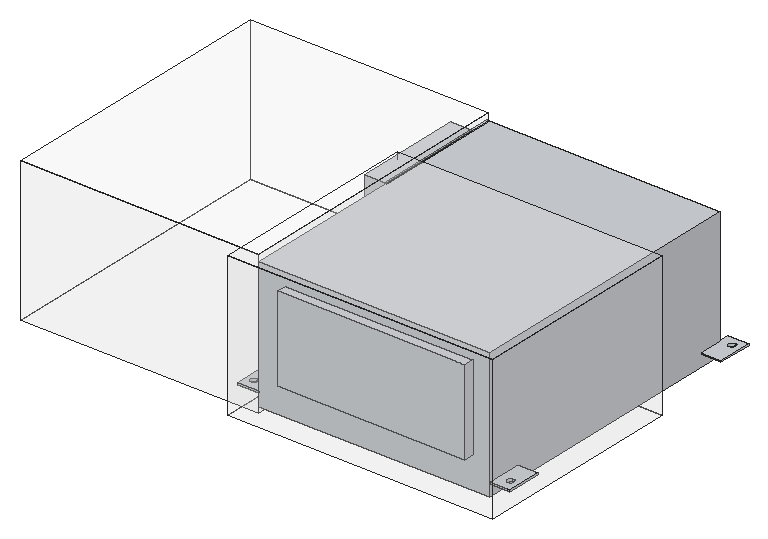
Revit family "pefy-p45_280mg7_60Hz", category 機械設備, Revit 2019
Family settings
  丸型コネクタ寸法 = 直径を使用
  パーツ タイプ = 標準
  OmniClass 番号 = 23.75.10.24.21.27.27
  OmniClass タイトル = Split System Air Conditioning Units
  作業面ベース = いいえ
  常に垂直 = はい
  ロード時にボイドで切り取り = いいえ
  共有 = いいえ
  部屋計算ポイント = はい
Parameters (values of type "PEFY-P45MG7")
  風量（弱）（m3／min） = 10
  風量（m3／min） = 14
  風量 = MAX風量  # 840.0 m³/h
  音響パワーレベル（弱）(dB) = 51
  音響パワーレベル(dB) = 57
  電源種別 = ""
  電源_H = 0 mm
  電圧_電気ヒーター = 0 V
  電圧 = 200 V
  電動機出力_送風機 = 0.08 kW
  運転質量 = 0.00 kg
  連動 = ""
  質量 = if(製品質量 > 運転質量, 製品質量, 運転質量) * 1.2  # 46.80 kg
  負荷分類 = 3_ファン類
  説明 = "ビル用マルチエアコン　天井埋込形室内機"
  設計暖房能力 = 0.00 kW
  設計冷房能力_顕熱 = 0 kW
  設計冷房能力 = 0 kW
  設置方法 = "天井吊(隠ぺい)形"
  記号 = ""
  製造元 = "三菱電機株式会社"
  製品質量 = 39.00 kg
  製品出荷対象 = "国内"
  製品リリース年月 = "2020/7/22"
  製品グループ = ""
  系統 = ""
  符号 = "ACP_CID"
  積算_科目 = "1 空気調和設備"
  積算_拾い区分 [instance] = ""
  相_電気ヒーター = 1
  相 = 1
  盤記号 = ""
  発停方法 = "付属スイッチ"
  特殊仕様 = ""
  点検口離隔 [instance] = if(点検口離隔入力値 > 200 mm, 200 mm, if(点検口離隔入力値 < 150 mm, 150 mm, 点検口離隔入力値))  # 150 mm
  点検口離隔入力値 [instance] = 150 mm
  点検口設置範囲 = 700 mm
  点検口位置 = 200 mm
  点検口 = yes
  火災停止 = ""
  消費電力_電気ヒーター = 0.00 kW
  消費電力_暖房 = 0.17 kW
  消費電力_加湿器 = 0.00 kW
  消費電力_冷房 = 0.19 kW
  消費電力 = if(消費電力_冷房 > 消費電力_暖房, 消費電力_冷房, 消費電力_暖房) + 消費電力_加湿器 + 消費電力_電気ヒーター  # 0.19 kW
  法定耐用年数 = "15"
  機外静圧 = 100.0 Pa
  極数 = 3
  材質 = ""
  本体マテリアル = none
  有効加湿量 = 0
  暖房能力 = 5.00 kW
  推奨ブレーカー容量 = 15 A
  形式_加湿器 = ""
  形式 = "天井吊（隠ぺい）形（両ダクト形）"
  幹線記号 = ""
  始動方式 = ""
  呼称 = "室内機_天井吊(隠ぺい)形(両ダクト形)"
  周波数 = 60 Hz
  吊り幅 = if(Depth = 900 mm, 60 mm, 61 mm)  # 60 mm
  吊り位置Y = 814 mm
  吊り位置X = 754 mm
  吊りボルト_H = 41 mm  # constant formula
  台数_手元リモコン = ""
  台数_冷媒分岐ユニット = ""
  参照している仕様書等のバージョン = "公共建築工事標準仕様書（機械設備工事編）平成31年度版"
  加湿給水管径 = 0 mm
  分類コード = "50053003221070"
  分類グループ = ""
  冷房能力 = 4.5 kW
  冷媒高低圧ガス管径 = 0 mm
  冷媒管径符号 = "Ac"
  冷媒管径 = 100 mm
  冷媒液管径 = 6.35 mm
  冷媒液管_縦 = 58 mm
  冷媒液管_横 = 69 mm
  冷媒ガス管径 = 12.7 mm
  冷媒ガス管_縦 = 143 mm
  冷媒ガス管_横 = 187 mm
  企業コード = "108420"
  付属品_フィルター = ""
  付属品 = ""
  仕様書バージョン = "Version1.0"
  モデル = "PEFY-P45MG7"
  ドレン管径 = 32 mm
  ドレン管_縦 = 326.5 mm
  ドレン管_横 = 430 mm
  サービススペース = yes
  コメント [instance] = ""
  ケーブル種類 = ""
  ケーブルサイズ = 1.6 mm
  Width = 745 mm
  Version = ""
  Uniclass2015Version = "Systems v1.9"
  Uniclass2015Title = "Split coil remote air cooled condensing units"
  Uniclass2015Code = "Pr_70_65_03_84"
  URL = "https://www.mitsubishielectric.co.jp/ldg/wink/ssl/displayProduct.do?pid=307559"
  SpecificationReference = ""
  SpecificationDescription = ""
  S_H = Height + 20 mm  # 400 mm
  SAサイズ_W = 550 mm
  SAサイズ_D = 250 mm
  Revision = ""
  RAサイズ_W = 600 mm
  RAサイズ_D = 340 mm
  ProductInformation = ""
  OmniClassCode = "23-751024212727"
  MID風量 = 600.0 m³/h
  MAX風量 = 840.0 m³/h
  IfcTypeProduct = ""
  IfcProduct = ""
  IfcExportType = "AIRCONDITIONINGUNIT"
  IfcExportAs = "IfcUnitaryEquipmentType"
  Height = 380 mm
  Depth = 900 mm
  Clearance Top = 20 mm  # constant formula
  Clearance Right = 50 mm  # constant formula
  Clearance Left = if(Width = 745 mm, 730 mm, if(Width = 1030 mm, 1015 mm, if(Width = 1195 mm, 1180 mm, 1300 mm)))  # 730 mm
  Clearance Front = if(Depth = 900 mm, 575 mm, 650 mm)  # 575 mm
  Clearance Bottom = 20 mm  # constant formula
  Clearance Back = 50 mm  # constant formula
  Author = "三菱電機株式会社"
Types (11, lengths in mm): name | 風量（弱）（m3／min） | 風量（m3／min） | 風量 | 音響パワーレベル（弱）(dB) | 音響パワーレベル(dB) | 電動機出力_送風機 | 質量 | 製品質量 | 相 | 点検口設置範囲 | 消費電力_暖房 | 消費電力_冷房 | 消費電力 | 機外静圧 | 暖房能力 | 吊り幅 | 吊り位置Y | 吊り位置X | 冷房能力 | 冷媒管径符号 | 冷媒液管径 | 冷媒液管_縦 | 冷媒液管_横 | 冷媒ガス管径 | 冷媒ガス管_縦 | 冷媒ガス管_横 | モデル | ドレン管_縦 | ドレン管_横 | Width | URL | S_H | SAサイズ_W | SAサイズ_D | RAサイズ_W | RAサイズ_D | MID風量 | MAX風量 | Height | Depth | Clearance Left | Clearance Front
  (no name) | 10 | 14 | 840.0 m³/h | 51 | 57 | 0.08 kW | 46.80 kg | 39.00 kg | 1 | 700 | 0.17 kW | 0.19 kW | 0.19 kW | 100.0 Pa | 5.00 kW | 60 | 814 | 754 | 4.5 kW | "Ac" | 6.35 | 58 | 69 | 12.7 | 143 | 187 | "PEFY-P45MG7" | 326.5 | 430 | 745 | "https://www.mitsubishielectric.co.jp/ldg/wink/ssl/displayProduct.do?pid=307559" | 400 | 550 | 250 | 600 | 340 | 600.0 m³/h | 840.0 m³/h | 380 | 900 | 730 | 575
  PEFY-P45MG7 | 10 | 14 | 840.0 m³/h | 51 | 57 | 0.08 kW | 46.80 kg | 39.00 kg | 1 | 700 | 0.17 kW | 0.19 kW | 0.19 kW | 100.0 Pa | 5.00 kW | 60 | 814 | 754 | 4.5 kW | "Ac" | 6.35 | 58 | 69 | 12.7 | 143 | 187 | "PEFY-P45MG7" | 326.5 | 430 | 745 | "https://www.mitsubishielectric.co.jp/ldg/wink/ssl/displayProduct.do?pid=307559" | 400 | 550 | 250 | 600 | 340 | 600.0 m³/h | 840.0 m³/h | 380 | 900 | 730 | 575
  PEFY-P56MG7 | 10 | 14 | 840.0 m³/h | 52 | 57 | 0.08 kW | 46.80 kg | 39.00 kg | 1 | 700 | 0.17 kW | 0.19 kW | 0.19 kW | 100.0 Pa | 6.30 kW | 60 | 814 | 754 | 5.6 kW | "Ac" | 6.35 | 58 | 69 | 12.7 | 143 | 187 | "PEFY-P56MG7" | 326.5 | 430 | 745 | "https://www.mitsubishielectric.co.jp/ldg/wink/ssl/displayProduct.do?pid=307560" | 400 | 550 | 250 | 600 | 340 | 600.0 m³/h | 840.0 m³/h | 380 | 900 | 730 | 575
  PEFY-P71MG7 | 13.5 | 19 | 1140.0 m³/h | 56 | 61 | 0.10 kW | 48.00 kg | 40.00 kg | 1 | 700 | 0.22 kW | 0.24 kW | 0.24 kW | 100.0 Pa | 8.00 kW | 60 | 814 | 754 | 7.1 kW | "Bd" | 9.52 | 58 | 69 | 15.88 | 143 | 187 | "PEFY-P71MG7" | 326.5 | 430 | 745 | "https://www.mitsubishielectric.co.jp/ldg/wink/ssl/displayProduct.do?pid=307504" | 400 | 550 | 250 | 600 | 340 | 810.0 m³/h | 1140.0 m³/h | 380 | 900 | 730 | 575
  PEFY-P80MG7 | 15.5 | 22 | 1320.0 m³/h | 56 | 61 | 0.11 kW | 61.20 kg | 51.00 kg | 1 | 700 | 0.26 kW | 0.28 kW | 0.28 kW | 100.0 Pa | 9.00 kW | 60 | 814 | 1039 | 8 kW | "Bd" | 9.52 | 58 | 69 | 15.88 | 143 | 187 | "PEFY-P80MG7" | 326.5 | 430 | 1030 | "https://www.mitsubishielectric.co.jp/ldg/wink/ssl/displayProduct.do?pid=307561" | 400 | 835 | 250 | 885 | 340 | 930.0 m³/h | 1320.0 m³/h | 380 | 900 | 1015 | 575
  PEFY-P90MG7 | 18 | 25 | 1500.0 m³/h | 58 | 63 | 0.14 kW | 61.20 kg | 51.00 kg | 1 | 700 | 0.27 kW | 0.29 kW | 0.29 kW | 100.0 Pa | 10.00 kW | 60 | 814 | 1039 | 9 kW | "Bd" | 9.52 | 58 | 69 | 15.88 | 143 | 187 | "PEFY-P90MG7" | 326.5 | 430 | 1030 | "https://www.mitsubishielectric.co.jp/ldg/wink/ssl/displayProduct.do?pid=307562" | 400 | 835 | 250 | 885 | 340 | 1080.0 m³/h | 1500.0 m³/h | 380 | 900 | 1015 | 575
  PEFY-P112MG7 | 26.5 | 38 | 2280.0 m³/h | 60 | 64 | 0.20 kW | 75.60 kg | 63.00 kg | 1 | 700 | 0.47 kW | 0.49 kW | 0.49 kW | 100.0 Pa | 12.50 kW | 60 | 814 | 1204 | 11.2 kW | "Bd" | 9.52 | 58 | 69 | 15.88 | 143 | 187 | "PEFY-P112MG7" | 326.5 | 430 | 1195 | "https://www.mitsubishielectric.co.jp/ldg/wink/ssl/displayProduct.do?pid=307563" | 400 | 1000 | 250 | 1050 | 340 | 1590.0 m³/h | 2280.0 m³/h | 380 | 900 | 1180 | 575
  PEFY-P140MG7 | 26.5 | 38 | 2280.0 m³/h | 61 | 65 | 0.20 kW | 75.60 kg | 63.00 kg | 1 | 700 | 0.47 kW | 0.49 kW | 0.49 kW | 100.0 Pa | 16.00 kW | 60 | 814 | 1204 | 14 kW | "Bd" | 9.52 | 58 | 69 | 15.88 | 143 | 187 | "PEFY-P140MG7" | 326.5 | 430 | 1195 | "https://www.mitsubishielectric.co.jp/ldg/wink/ssl/displayProduct.do?pid=307505" | 400 | 1000 | 250 | 1050 | 340 | 1590.0 m³/h | 2280.0 m³/h | 380 | 900 | 1180 | 575
  PEFY-P160MG7 | 28 | 40 | 2400.0 m³/h | 62 | 65 | 0.23 kW | 78.00 kg | 65.00 kg | 1 | 700 | 0.47 kW | 0.49 kW | 0.49 kW | 100.0 Pa | 18.00 kW | 60 | 814 | 1204 | 16 kW | "Bd" | 9.52 | 58 | 69 | 15.88 | 143 | 187 | "PEFY-P160MG7" | 326.5 | 430 | 1195 | "https://www.mitsubishielectric.co.jp/ldg/wink/ssl/displayProduct.do?pid=307564" | 400 | 1000 | 250 | 1050 | 340 | 1680.0 m³/h | 2400.0 m³/h | 380 | 900 | 1180 | 575
  PEFY-P224MG7 | 0 | 58 | 3480.0 m³/h | 0 | 70 | 0.69 kW | 117.60 kg | 98.00 kg | 3 | 800 | 0.92 kW | 0.92 kW | 0.92 kW | 200.0 Pa | 25.00 kW | 61 | 1034 | 1326 | 22.4 kW | "Be" | 9.52 | 44 | 95 | 19.05 | 164 | 249 | "PEFY-P224MG7" | 327 | 489 | 1250 | "https://www.mitsubishielectric.co.jp/ldg/wink/ssl/displayProduct.do?pid=307565" | 490 | 1100 | 340 | 1100 | 420 | 0.0 m³/h | 3480.0 m³/h | 470 | 1120 | 1300 | 650
  PEFY-P280MG7 | 0 | 72 | 4320.0 m³/h | 0 | 75 | 0.87 kW | 121.20 kg | 101.00 kg | 3 | 800 | 1.10 kW | 1.10 kW | 1.10 kW | 200.0 Pa | 31.50 kW | 61 | 1034 | 1326 | 28 kW | "Bf" | 9.52 | 44 | 95 | 22.2 | 164 | 249 | "PEFY-P280MG7" | 327 | 489 | 1250 | "https://www.mitsubishielectric.co.jp/ldg/wink/ssl/displayProduct.do?pid=307506" | 490 | 1100 | 340 | 1100 | 420 | 0.0 m³/h | 4320.0 m³/h | 470 | 1120 | 1300 | 650
Reference planes
  plane 1 "中心(正面/背面)": y = -138.467
  plane 2: z = 0
  plane 3 "中心(左/右)": x = 140.396
  plane 4: z = 380
  plane 5: z = 400
  plane 6: x = 517.396
  plane 7: x = -236.604
  plane 8: y = -528.467
  plane 9: y = 285.533
  plane 10: y = -588.467
  plane 11: y = 311.533
  plane 12: x = 480.396
  plane 13: x = -264.604
  plane 14: z = -20
  plane 15: x = 540.396
  plane 16: y = -559.467
  plane 17: y = 287.533
  plane 18: y = -135.967
  plane 19: y = -362.467
  plane 20: y = 87.533
  plane 21: x = -199.604
  plane 22: x = -349.604
  plane 23: x = -899.604
  plane 24: z = 400
  plane 25: x = -249.604
  plane 26: y = -609.467
  plane 27: x = 530.396
  plane 28: y = 15.533
Dimensions and locks
  "S_H": plane 5 to level
  "吊り位置X": plane 6 to plane 7
  "吊り位置Y": plane 9 to plane 8
  equal spacing: plane 11, plane 1 "中心(正面/背面)", plane 10
  "Depth": plane 11 to plane 10
  "Width": plane 12 to plane 13
  "Clearance Bottom": level to plane 14
  locked: plane 8 to plane 10 at 60
  "吊り幅": plane 15 to plane 12
  locked: plane 15 to plane 6 at 23
  "Height": plane 4 to level
  locked: plane 11 to plane 17 at 24
  locked: plane 16 to plane 10 at 29
  locked: plane 20 to plane 19 at 450
  equal spacing: plane 17, plane 18, plane 16
  plane 21 to plane 7 = 37 mm
  "点検口離隔": plane 21 to plane 22
  "点検口設置範囲": plane 21 to plane 23
  "Clearance Top": plane 24 to plane 4
  "Clearance Back": plane 16 to plane 26
  "Clearance Right": plane 21 to plane 25
  "Clearance Front": plane 28 to plane 16
  "Clearance Left": plane 27 to plane 21
  "点検口位置": plane 17 to plane 20
  equal spacing: plane 6, plane 3 "中心(左/右)", plane 7
  equal spacing: plane 12, plane 3 "中心(左/右)", plane 21
  aligned and locked: level to plane 2
  aligned and locked: nested 3 to plane 6
  aligned and locked: nested 3 to plane 7
  aligned and locked: plane 8 to nested 3
  aligned and locked: nested 3 to plane 9
  aligned and locked: nested 4 to plane 3 "中心(左/右)"
  aligned and locked: plane 1 "中心(正面/背面)" to nested 4
  aligned and locked: plane 19 to nested 2
  aligned and locked: plane 20 to nested 2
  aligned and locked: nested 2 to plane 23
  aligned and locked: nested 2 to plane 22
  aligned and locked: plane 24 to nested 1
  aligned and locked: plane 24 to nested 5
  aligned and locked: plane 14 to nested 1
  aligned and locked: plane 14 to nested 5
  aligned and locked: nested 1 to plane 16
  aligned and locked: nested 1 to plane 17
  aligned and locked: nested 1 to plane 23
  aligned and locked: nested 1 to plane 21
  aligned and locked: nested 5 to plane 26
  aligned and locked: nested 5 to plane 28
  aligned and locked: nested 5 to plane 25
  aligned and locked: nested 5 to plane 27
Nested families
  nested 1: "サービススペース" at (-549.604, -135.967, 190) x (-1, 0, 0) z (0, 0, 1), visible <- "サービススペース", type "サービススペース"
    with Width 700 mm, Height 420 mm, Depth 847 mm
  nested 2: "点検口設置範囲" at (-624.604, -137.467, 0) x (-1, 0, 0) z (0, 0, 1), visible <- "点検口", type "点検口設置範囲"
    with Width 550 mm, Depth 450 mm
  nested 3: "固定点" at (517.396, 285.533, 0) x (-1, 0, 0) z (0, 0, 1), type "固定点"
    with W 754 mm, D 814 mm
  nested 4: "PEFY-P○○○MG7" at (312.896, -138.467, 0) x (0, -1, 0) z (0, 0, 1), type "PEFY-P○○○MG7"
    with 制御ボクス yes, ユニット表示 yes, 冷媒液配管サイズ 6.35 mm, E 550 mm, A 800 mm, 奥行き 745 mm, 冷媒ガス配管サイズ 12.7 mm, D 600 mm, B 754 mm
  nested 5: "サービススペース" at (140.396, -296.967, 190) x (-1, 0, 0) z (0, 0, 1), visible <- "サービススペース", type "サービススペース"
    with Width 780 mm, Height 420 mm, Depth 625 mm
Connectors
  hvac at (155.396, -588.467, 219), driven by "SAサイズ_D", driven by "SAサイズ_W", driven by "機外静圧", driven by "風量"
    settings: on nested 4, index 1, duct flow 840.0 m³/h, flow factor 0, pres drop 100.0 Pa, loss coef 0, conn angle 0.00°, conn width 550 mm, conn height 250 mm, conn diameter 609.6 mm, duct sys type 29, conn prof type 1, flow config 0, flow direction 2, loss method 4, conn ref index -1, conn util no, is conn primary yes, conn desc ""
  hvac at (140.396, 311.533, 186), driven by "RAサイズ_D", driven by "RAサイズ_W", driven by "機外静圧", driven by "風量"
    settings: on nested 4, index 2, duct flow 840.0 m³/h, flow factor 0, pres drop 100.0 Pa, loss coef 0, conn angle 0.00°, conn width 600 mm, conn height 340 mm, conn diameter 609.6 mm, duct sys type 29, conn prof type 1, flow config 0, flow direction 1, loss method 4, conn ref index -1, conn util no, is conn primary no, conn desc ""
  piping at (-264.604, -337.967, 172), diameter 100, driven by "冷媒管径", driven by "冷媒管径符号"
    settings: on nested 4, index 3, connector inside diameter 609.6 mm, connector length 0 mm, flow factor 0, pipe flow 0.0 L/s, pressure drop 0.0 Pa, fitting loss kfactor 0, connector angle 0.00°, fixture units 0, engagement length 0 mm, angle of deflection 0.00°, flow configuration 1, flow direction 1, fitting loss method 4, system type 7, joint type 0, gender type 0, connector reference index -1, connector utility 0, adjustable connector no, is connector primary yes, connector description "Ac"
  piping at (-209.604, -129.467, 326.5), diameter 32, driven by "ドレン管径"
    settings: on nested 4, index 4, connector inside diameter 609.6 mm, connector length 0 mm, flow factor 0, pipe flow 0.0 L/s, pressure drop 0.0 Pa, fitting loss kfactor 0, connector angle 0.00°, fixture units 0, engagement length 0 mm, angle of deflection 0.00°, flow configuration 1, flow direction 2, fitting loss method 4, system type 16, joint type 0, gender type 0, connector reference index -1, connector utility 0, adjustable connector no, is connector primary no, connector description ""
  electrical at (-209.604, 117.533, 60), driven by "極数", driven by "負荷分類", driven by "電圧", driven by "消費電力"
    settings: on nested 4, index 5, voltage 200 V, apparent load 190 VA, apparent load phase1 0 VA, apparent load phase2 0 VA, apparent load phase3 0 VA, power factor 1, load classification "3_ファン類", number of poles 3, system type 30, power factor state 1, is connector primary yes, connector utility no, sub classification motor no, connector description ""
Definition of nested family "サービススペース"
  Parameters (values of type "サービススペース")
    Width [instance] = 500 mm
    Height [instance] = 500 mm
    Depth [instance] = 500 mm
  Reference planes
    plane 1 "中心(正面/背面)": y = 0
    plane 2: z = 0
    plane 3 "中心(左/右)": x = 0
    plane 4: y = -250
    plane 5: x = 250
    plane 6: y = 250
    plane 7: x = -250
    plane 8: z = 250
    plane 9: z = -250
  Forms (mm)
    Extrusion 1, solid
      sketch origin (-638.939, 0, 72.39) x (1, 0, 0) y (0, 1, 0)
        loop
          line (388.939, 250) -> (388.939, -250) -> (888.939, -250) -> (888.939, 250) -> (388.939, 250)
      from -322.39 to 177.61
  Lines and regions (mm)
    symbolic lines
      curve 1: line (-250, 0, 250) -> (250, 0, 250)
      curve 2: line (-250, 0, -250) -> (-250, 0, 250)
      curve 3: line (250, 0, -250) -> (-250, 0, -250)
      curve 4: line (250, 0, 250) -> (250, 0, -250)
      curve 5: line (0, -250, 250) -> (0, 250, 250)
      curve 6: line (0, -250, -250) -> (0, -250, 250)
      curve 7: line (0, 250, -250) -> (0, -250, -250)
      curve 8: line (0, 250, 250) -> (0, 250, -250)
      curve 9: line (-250, 250, 0) -> (250, 250, 0)
      curve 10: line (-250, -250, 0) -> (-250, 250, 0)
      curve 11: line (250, -250, 0) -> (-250, -250, 0)
      curve 12: line (250, 250, 0) -> (250, -250, 0)
  Dimensions and locks
    equal spacing: plane 7, plane 3 "中心(左/右)", plane 5
    equal spacing: plane 4, plane 1 "中心(正面/背面)", plane 6
    "Depth": plane 4 to plane 6
    "Width": plane 7 to plane 5
    equal spacing: plane 8, plane 2, plane 9
    "Height": plane 8 to plane 9
    aligned and locked: plane 9 to curve 3
    aligned and locked: plane 7 to curve 2
    aligned and locked: curve 4 to plane 5
    aligned and locked: plane 5 to Extrusion 1
    aligned and locked: Extrusion 1 to plane 7
    aligned and locked: Extrusion 1 to plane 9
    aligned and locked: plane 8 to Extrusion 1
    aligned and locked: plane 9 to curve 7
  Automatic sketch dimensions
    plane 4 to Extrusion 1 sketch curve = 0 mm
    Extrusion 1 sketch curve to plane 7 = 0 mm
    Extrusion 1 sketch curve to plane 5 = 0 mm
    plane 6 to Extrusion 1 sketch curve = 0 mm
    curve 2 to plane 8 = 0 mm
    plane 4 to curve 11 = 0 mm
    curve 11 to plane 7 = 0 mm
    curve 11 to plane 5 = 0 mm
    plane 6 to curve 10 = 0 mm
    curve 7 to plane 4 = 0 mm
    curve 7 to plane 6 = 0 mm
    curve 6 to plane 8 = 0 mm
Definition of nested family "PEFY-P○○○MG7"
  Parameters (values of type "PEFY-P○○○MG7")
    配線取出口サイズ = 36 mm
    配線取出口-Z = 60 mm  # constant formula
    配線取出口-Y = 10 mm  # constant formula
    配線取出口-X = 50 mm  # constant formula
    制御ボクス [instance] = and(ユニット表示, 幅さ = 900 mm)  # yes
    冷媒液配管サイズ = 9.52 mm
    y = if(幅さ = 900 mm, 65 mm, 0 mm)  # 65 mm
    e = if(幅さ = 900 mm, 80 mm, 100 mm)  # 80 mm
    d = if(幅さ = 900 mm, 40 mm, 102 mm)  # 40 mm
    R2 = 250 mm
    R1 = if(幅さ = 900 mm, 94 mm, 105 mm)  # 94 mm
    L2 = 340 mm
    L1 = if(幅さ = 900 mm, 16 mm, 20 mm)  # 16 mm
    E = 1000 mm
    C = 680 mm
    A = if(奥行き = 745 mm, 800 mm, if(奥行き = 1030 mm, 1085 mm, if(奥行き = 1195 mm, 1250 mm, 1372 mm)))  # 1250 mm
    高さ = 380 mm
    奥行き = 1195 mm
    吊りボルト_H = 167 mm
    冷媒配管 = 100 mm
    冷媒液管径-Z = 58 mm
    冷媒液管径-Y = if(幅さ = 900 mm, 65 mm, 100 mm)  # 65 mm
    冷媒液管径-X = 69 mm
    冷媒ガス管径-Z = 143 mm
    冷媒ガス管径-Y = if(幅さ = 900 mm, 70 mm, 100 mm)  # 70 mm
    冷媒ガス管径-X = 187 mm
    ユニット表示 [instance] = yes
    吊りボルトピッチ = 814 mm
    ドレン配管サイズ = 32 mm
    ドレン管径-Z = 326.5 mm
    ドレン管径-Y = 10 mm  # constant formula
    ドレン管径-X = 430 mm
    冷媒ガス配管サイズ = 15.88 mm
    D = 1050 mm
    幅さ = 900 mm
    B = 1204 mm
  Reference planes
    plane 1 "中心(正面/背面)": y = -172.5
    plane 2: z = 0
    plane 3 "中心(左/右)": x = 0
    plane 4: z = 380
    plane 5: z = -20
    plane 6: x = -450
    plane 7: x = 450
    plane 8: y = -797.5
    plane 9: z = 400
    plane 10: y = 392.5
    plane 11: y = -737.5
    plane 12: x = -426
    plane 13: x = 421
    plane 14: z = 41
    plane 15: z = 36
    plane 16: y = 342.5
    plane 17: y = -657.5
    plane 18: y = 352.5
    plane 19: y = -697.5
    plane 20: y = 429.5
    plane 21: z = 356
    plane 22: z = 16
    plane 23: z = 94
    plane 24: z = 344
    plane 25: y = -802.5
    plane 26: x = -366
    plane 27: x = -306
    plane 28: z = 120
    plane 29: z = 170
    plane 30: y = -742.5
    plane 31: x = -454
    plane 32: x = 390
    plane 33: x = -424
    plane 34: x = -354
    plane 35: x = 321
    plane 36: y = 452.5
    plane 37: y = -774.5
    plane 38: y = -802.5
    plane 39: y = -747.5
    plane 40: y = -802.5
    plane 41: y = -807.5
    plane 42: x = 234
    plane 43: z = 143
    plane 44: x = 165
    plane 45: z = 201
    plane 46: x = 199.5
    plane 47: z = 172
    plane 48: x = -9
    plane 49: x = -50
    plane 50: z = 326.5
    plane 51: x = -256
    plane 52: z = 60
  Forms (mm)
    Extrusion 1, solid, visible <- "ユニット表示", detail levels fine
      sketch origin (0, 0, 0) x (1, 0, 0) y (0, 1, 0)
        loop
          line (-426, 392.5) -> (-426, -737.5) -> (421, -737.5) -> (421, 392.5) -> (-426, 392.5)
      from 0 to 380
    Extrusion 2, solid, visible <- "ユニット表示", detail levels fine
      sketch origin (0, 0, 0) x (1, 0, 0) y (0, 1, 0)
        loop
          line (-450, 352.5) -> (-450, -697.5) -> (-426, -697.5) -> (-426, 352.5) -> (-450, 352.5)
      from 16 to 356
    Extrusion 3, solid, visible <- "ユニット表示", detail levels fine
      sketch origin (0, 0, 0) x (1, 0, 0) y (0, 1, 0)
        loop
          line (450, 342.5) -> (421, 342.5) -> (421, -657.5) -> (450, -657.5) -> (450, 342.5)
      from 94 to 344
    Extrusion 4, solid, visible <- "ユニット表示", detail levels fine
      sketch origin (1480.036, -737.5, 1200) x (1, 0, 0) y (0, 0, 1)
        loop
          line (-1906.036, -820) -> (-1906.036, -1080) -> (-1786.036, -1200) -> (-1530.036, -1200) -> (-1530.036, -820) -> (-1906.036, -820)
      from 0 to 5
    Extrusion 5, solid, visible <- "制御ボクス", detail levels fine
      sketch origin (1480.036, -742.5, 1200) x (1, 0, 0) y (0, 0, 1)
        loop
          line (-1786.036, -1030) -> (-1786.036, -1184) -> (-1530.036, -1184) -> (-1530.036, -820) -> (-1846.036, -820) -> (-1846.036, -1030) -> (-1786.036, -1030)
      from 0 to 60
    Extrusion 6, solid, visible <- "ユニット表示", detail levels fine
      sketch origin (-1437.329, -1524, 36) x (-1, 0, 0) y (0, -1, 0)
        loop
          line (-1083.329, -1976.5) -> (-983.329, -1976.5) -> (-983.329, -1916.5) -> (-1083.329, -1916.5) -> (-1083.329, -1976.5)
        loop
          line (-1758.329, -1976.5) -> (-1758.329, -1916.5) -> (-1858.329, -1916.5) -> (-1858.329, -1976.5) -> (-1758.329, -1976.5)
        loop
          line (-1758.329, -726.5) -> (-1858.329, -726.5) -> (-1858.329, -786.5) -> (-1758.329, -786.5) -> (-1758.329, -726.5)
        loop
          line (-983.329, -786.5) -> (-983.329, -726.5) -> (-1083.329, -726.5) -> (-1083.329, -786.5) -> (-983.329, -786.5)
        loop
          circle (-1013.329, -1953.5) r 10
        loop
          circle (-1827.329, -1953.5) r 10
        loop
          circle (-1827.329, -749.5) r 10
        loop
          circle (-1013.329, -749.5) r 10
      from 0 to 5
    Extrusion 7, solid, visible <- "ユニット表示", detail levels fine
      sketch origin (1480.036, -737.5, 1200) x (1, 0, 0) y (0, 0, 1)
        loop
          circle (-1246.036, -1057) r 7.94
      from 0 to 70
    Extrusion 8, solid, visible <- "ユニット表示", detail levels fine
      sketch origin (1480.036, -737.5, 1200) x (1, 0, 0) y (0, 0, 1)
        loop
          circle (-1315.036, -999) r 4.76
      from 0 to 65
    Extrusion 9, solid, visible <- "ユニット表示", detail levels fine
      sketch origin (1480.036, -737.5, 1200) x (1, 0, 0) y (0, 0, 1)
        loop
          circle (-1280.536, -1028) r 50
      from 0 to 65
    Extrusion 10, solid, visible <- "ユニット表示", detail levels fine
      sketch origin (1480.036, -737.5, 1200) x (1, 0, 0) y (0, 0, 1)
        loop
          circle (-1489.036, -873.5) r 16
      from 0 to 10
    Extrusion 11, solid, visible <- "ユニット表示", detail levels fine
      sketch origin (1480.036, -737.5, 1200) x (1, 0, 0) y (0, 0, 1)
        loop
          circle (-1736.036, -1140) r 18
      from 0 to 10
  Dimensions and locks
    locked: level to plane 5 at 20
    equal spacing: plane 6, plane 3 "中心(左/右)", plane 7
    "幅さ": plane 6 to plane 7
    locked: plane 9 to plane 4 at 20
    "高さ": plane 4 to level
    locked: plane 6 to plane 12 at 24
    locked: plane 13 to plane 7 at 29
    locked: plane 14 to level at 41
    locked: plane 14 to plane 15 at 5
    "D": plane 19 to plane 18
    "E": plane 17 to plane 16
    "L1": plane 22 to level
    "R2": plane 24 to plane 23
    "R1": plane 23 to level
    "L2": plane 21 to plane 22
    "e": plane 11 to plane 17
    "d": plane 11 to plane 19
    "奥行き": plane 25 to plane 10
    plane 12 to plane 26 to plane 27 = 60 mm locked, 60 mm locked
    locked: plane 28 to level at 120
    locked: plane 29 to plane 28 at 50
    locked: plane 30 to plane 11 at 5
    locked: plane 31 to plane 6 at 4
    locked: plane 32 to plane 7 at 60
    "吊りボルトピッチ": plane 33 to plane 32
    locked: plane 31 to plane 34 at 100
    locked: plane 35 to plane 13 at 100
    "y": plane 25 to plane 11
    "B": plane 37 to plane 20
    plane 8 to plane 37 = 23 mm
    locked: plane 38 to plane 30 at 60
    "ドレン管径-Y": plane 39 to plane 11
    "冷媒液管径-Y": plane 40 to plane 11
    "冷媒ガス管径-Y": plane 41 to plane 11
    "冷媒ガス管径-Z": plane 43 to level
    "冷媒ガス管径-X": plane 42 to plane 13
    "冷媒液管径-X": plane 44 to plane 42
    "冷媒液管径-Z": plane 45 to plane 43
    equal spacing: plane 45, plane 47, plane 43
    equal spacing: plane 44, plane 46, plane 42
    "ドレン管径-X": plane 48 to plane 13
    locked: plane 49 to plane 3 "中心(左/右)" at 50
    "ドレン管径-Z": plane 50 to level
    locked: plane 27 to plane 51 at 50
    "配線取出口-Z": plane 52 to level
    "A": plane 8 to plane 36
    equal spacing: plane 11, plane 1 "中心(正面/背面)", plane 10
    equal spacing: plane 8, plane 1 "中心(正面/背面)", plane 36
    equal spacing: plane 37, plane 1 "中心(正面/背面)", plane 20
    diameter of Extrusion 6 sketch curve = 20 mm  (x4)
    "冷媒ガス配管サイズ": diameter of Extrusion 7 sketch curve
    "冷媒液配管サイズ": diameter of Extrusion 8 sketch curve
    "冷媒配管": diameter of Extrusion 9 sketch curve
    "ドレン配管サイズ": diameter of Extrusion 10 sketch curve
    "配線取出口サイズ": diameter of Extrusion 11 sketch curve
    aligned and locked: level to plane 2
    aligned and locked: plane 10 to Extrusion 1 sketch curve
    aligned and locked: plane 12 to Extrusion 1 sketch curve
    aligned and locked: Extrusion 1 sketch curve to plane 11
    aligned and locked: Extrusion 1 sketch curve to plane 13
    aligned and locked: Extrusion 1 to level
    aligned and locked: plane 4 to Extrusion 1
    aligned and locked: plane 18 to Extrusion 2 sketch curve
    aligned and locked: Extrusion 2 sketch curve to plane 19
    aligned and locked: Extrusion 2 sketch curve to plane 12
    aligned and locked: plane 6 to Extrusion 2 sketch curve
    aligned and locked: Extrusion 2 to plane 22
    aligned and locked: plane 21 to Extrusion 2
    aligned and locked: Extrusion 3 sketch curve to plane 16
    aligned and locked: plane 17 to Extrusion 3 sketch curve
    aligned and locked: Extrusion 3 sketch curve to plane 13
    aligned and locked: plane 7 to Extrusion 3 sketch curve
    aligned and locked: Extrusion 3 to plane 23
    aligned and locked: plane 24 to Extrusion 3
    aligned and locked: Extrusion 4 sketch curve to plane 4
    aligned and locked: Extrusion 4 sketch curve to plane 12
    aligned and locked: Extrusion 4 sketch curve to level
    aligned and locked: Extrusion 4 to plane 11
    aligned and locked: plane 30 to Extrusion 4
    aligned and locked: Extrusion 5 sketch curve to plane 27
    aligned and locked: Extrusion 5 sketch curve to plane 29
    aligned and locked: Extrusion 5 sketch curve to plane 26
    aligned and locked: Extrusion 5 sketch curve to plane 4
    aligned and locked: Extrusion 5 sketch curve to plane 22
    aligned and locked: Extrusion 5 to plane 30
    aligned and locked: Extrusion 6 sketch curve to plane 36
    aligned and locked: plane 34 to Extrusion 6 sketch curve
    aligned and locked: plane 10 to Extrusion 6 sketch curve
    aligned and locked: Extrusion 6 sketch curve to plane 31
    aligned and locked: plane 36 to Extrusion 6 sketch curve
    aligned and locked: plane 35 to Extrusion 6 sketch curve
    aligned and locked: Extrusion 6 sketch curve to Extrusion 1  (x4)
    aligned and locked: plane 8 to Extrusion 6 sketch curve
    aligned and locked: Extrusion 6 sketch curve to plane 35
    aligned and locked: plane 11 to Extrusion 6 sketch curve
    aligned and locked: plane 31 to Extrusion 6 sketch curve
    aligned and locked: Extrusion 6 sketch curve to plane 8
    aligned and locked: Extrusion 6 sketch curve to plane 34
    aligned and locked: plane 37 to Extrusion 6 sketch curve  (x2)
    aligned and locked: plane 33 to Extrusion 6 sketch curve  (x2)
    aligned and locked: plane 32 to Extrusion 6 sketch curve  (x2)
    aligned and locked: plane 20 to Extrusion 6 sketch curve  (x2)
    aligned and locked: Extrusion 6 to plane 15
    aligned and locked: plane 14 to Extrusion 6
    aligned and locked: plane 38 to Extrusion 5
    aligned and locked: plane 43 to Extrusion 7 sketch curve
    aligned and locked: plane 42 to Extrusion 7 sketch curve
    aligned and locked: Extrusion 7 to plane 11
    aligned and locked: plane 41 to Extrusion 7
    aligned and locked: plane 45 to Extrusion 8 sketch curve
    aligned and locked: plane 44 to Extrusion 8 sketch curve
    aligned and locked: Extrusion 8 to plane 11
    aligned and locked: plane 40 to Extrusion 8
    aligned and locked: Extrusion 9 to plane 11
    aligned and locked: plane 40 to Extrusion 9
    aligned and locked: Extrusion 5 sketch curve to plane 49
    aligned and locked: Extrusion 4 sketch curve to plane 49
    aligned and locked: plane 50 to Extrusion 10 sketch curve
    aligned and locked: plane 48 to Extrusion 10 sketch curve
    aligned and locked: Extrusion 10 to plane 11
    aligned and locked: plane 39 to Extrusion 10
    aligned and locked: plane 52 to Extrusion 11 sketch curve
    aligned and locked: plane 51 to Extrusion 11 sketch curve
    aligned and locked: Extrusion 11 to plane 11
    aligned and locked: plane 39 to Extrusion 11
    aligned and locked: plane 47 to Extrusion 9 sketch curve
    aligned and locked: plane 46 to Extrusion 9 sketch curve
  Automatic sketch dimensions
    Extrusion 4 sketch curve to plane 27 = 0 mm
    Extrusion 4 sketch curve to plane 28 = 0 mm
Definition of nested family "点検口設置範囲"
  Parameters (values of type "点検口設置範囲")
    Width [instance] = 1000 mm
    Depth [instance] = 700 mm
  Reference planes
    plane 1 "中心(正面/背面)": y = 0
    plane 2: z = 0
    plane 3 "中心(左/右)": x = 0
    plane 4: x = -500
    plane 5: x = 500
    plane 6: y = -350
    plane 7: y = 350
  Lines and regions (mm)
    model lines
      curve 1: line (-500, 350, 0) -> (500, 350, 0)
      curve 2: line (-500, -350, 0) -> (-500, 350, 0)
      curve 3: line (500, -350, 0) -> (-500, -350, 0)
      curve 4: line (500, 350, 0) -> (500, -350, 0)
  Dimensions and locks
    "Depth": plane 7 to plane 6
    "Width": plane 4 to plane 5
    equal spacing: plane 7, plane 1 "中心(正面/背面)", plane 6
    equal spacing: plane 4, plane 3 "中心(左/右)", plane 5
    aligned and locked: level to plane 2
    aligned and locked: plane 4 to curve 2
    aligned and locked: curve 1 to plane 7
    aligned and locked: curve 4 to plane 5
    aligned and locked: plane 6 to curve 3
Definition of nested family "固定点"
  Parameters (values of type "固定点")
    中心円 = 20 mm
    W [instance] = 1000 mm
    D [instance] = 1000 mm
  Reference planes
    plane 1 "中心(正面/背面)": y = 0
    plane 2: z = 0
    plane 3 "中心(左/右)": x = 0
    plane 4: x = 1000
    plane 5: y = 1000
  Lines and regions (mm)
    symbolic lines, detail levels fine
      curve 1: circle (0, 1000, 0) r 10 normal (0, 0, 1)
      curve 2: circle (0, 0, 0) r 10 normal (0, 0, 1)
      curve 3: circle (1000, 1000, 0) r 10 normal (0, 0, 1)
      curve 4: circle (1000, 0, 0) r 10 normal (0, 0, 1)
      curve 5: line (-200, 1000, 0) -> (1200, 1000, 0)
      curve 6: line (-200, 0, 0) -> (1200, 0, 0)
      curve 7: line (0, 1200, 0) -> (0, -200, 0)
      curve 8: line (1000, 1200, 0) -> (1000, -200, 0)
  Dimensions and locks
    "W": plane 3 "中心(左/右)" to plane 4
    "D": plane 1 "中心(正面/背面)" to plane 5
    "中心円": diameter of curve 1
    "中心円": diameter of curve 2
    "中心円": diameter of curve 3
    "中心円": diameter of curve 4
    aligned and locked: level to plane 2
    aligned and locked: plane 5 to curve 1
    aligned and locked: plane 3 "中心(左/右)" to curve 1
    aligned and locked: plane 3 "中心(左/右)" to curve 2
    aligned and locked: plane 1 "中心(正面/背面)" to curve 2
    aligned and locked: plane 4 to curve 3
    aligned and locked: plane 5 to curve 3
    aligned and locked: plane 1 "中心(正面/背面)" to curve 4
    aligned and locked: plane 4 to curve 4
    aligned and locked: plane 1 "中心(正面/背面)" to curve 6
    aligned and locked: curve 7 to plane 3 "中心(左/右)"
    aligned and locked: curve 8 to plane 4
  Automatic sketch dimensions
    curve 5 to plane 5 = 0 mm
    curve 6 to plane 3 "中心(左/右)" = 200 mm
    curve 5 to plane 3 "中心(左/右)" = 200 mm
    curve 4 to curve 6 = 200 mm
    curve 3 to curve 5 = 200 mm
    plane 1 "中心(正面/背面)" to curve 8 = 200 mm
    plane 1 "中心(正面/背面)" to curve 7 = 200 mm
    curve 3 to curve 8 = 200 mm
    curve 1 to curve 7 = 200 mm
